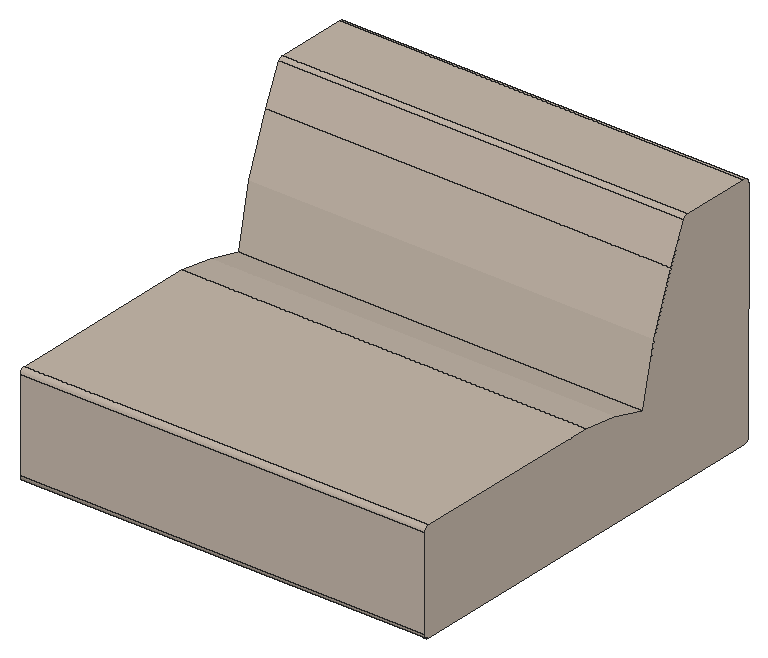
Revit family "FU_Modular_Sandler_Escala_ESC0207TA", category Furniture, Revit 2020
Family settings
  OmniClass Number = 23.40.20.00
  OmniClass Title = General Furniture and Specialties
  Work Plane-Based = No
  Always vertical = Yes
  Cut with Voids When Loaded = No
  Shared = No
  Room Calculation Point = No
Parameters (values of type "Escalas 0207TA")
  Width = 800 mm  # constant formula
  Upholstery [instance] = Fabric - Gravity - Wheat CPC21
  URL = "https://www.sandlerseating.com/product/esc0207ta/"
  Seat Height = 420 mm  # constant formula
  Seat Elevation = 220 mm  # constant formula
  Model = "Escalas 0207TA"
  Manufacturer = "Sandler"
  Height = 690 mm  # constant formula
  Description = "Upholstered 80cm left seat with backrest.\r\n47cm x 80cm x 80cm (measurements without base)"
  Depth = 800 mm  # constant formula
  Default Elevation = 0 mm
Reference planes
  plane 1 "Center (Front/Back)": y = 0
  plane 2: z = 0
  plane 3 "Center (Left/Right)": x = 0
  plane 4 "Right": x = -400
  plane 5 "Left": x = 400
  plane 6 "Front": y = -400
  plane 7 "Back": y = 400
  plane 8 "Elevation": z = 220
  plane 9 "Height": z = 690
  plane 10 "Seat height": z = 420
Forms (mm)
  Sweep 1, solid, material "Fabric - Gravity - Wheat CPC21" <- "Upholstery"
    path origin (0, 0, 220) x (-1, 0, 0) y (0, -1, 0)
      loop
        line (400, -400) -> (-400, -400)
    profile "Pro_Escalas_Seat_Shape : Pro_Escalas_Seat_Shape" origin (0, 400, 220) x (0, 1, 0) y (0, 0, 1)
      loop
        line (-790, 0) -> (-10, 0)
        arc (-10, 0) -> (-2.929, 2.929) -> (0, 10) r 10
        line (0, 10) -> (0, 460)
        arc (0, 460) -> (-2.929, 467.071) -> (-10, 470) r 10
        line (-10, 470) -> (-150.689, 470)
        arc (-150.689, 470) -> (-156.062, 468.434) -> (-159.752, 464.226) r 10
        line (-159.752, 464.226) -> (-192.518, 393.96)
        arc (-192.518, 393.96) -> (-234.317, 284.408) -> (-260, 170) r 816.842
        arc (-260, 170) -> (-329.19, 188.78) -> (-400, 200) r 664.836
        line (-400, 200) -> (-790, 200)
        arc (-790, 200) -> (-797.071, 197.071) -> (-800, 190) r 10
        line (-800, 190) -> (-800, 10)
        arc (-800, 10) -> (-797.071, 2.929) -> (-790, 0) r 10
  Extrusion 2, void
    sketch origin (-10, 0, 0) x (0, 1, 0) y (0, 0, 1)
      loop
        line (-370, 220) -> (370, 220) -> (370, 261) -> (-370, 261) -> (-370, 220)
    from 370 to -405
Cuts and joins
  Extrusion 2 cuts Sweep 1
Dimensions and locks
  equal spacing: plane 4 "Right", plane 3 "Center (Left/Right)", plane 5 "Left"
  "Width": plane 4 "Right" to plane 5 "Left"
  equal spacing: plane 7 "Back", plane 1 "Center (Front/Back)", plane 6 "Front"
  "Depth": plane 7 "Back" to plane 6 "Front"
  "Height": plane 9 "Height" to level
  "Seat Height": plane 10 "Seat height" to level
  "Seat Elevation": plane 8 "Elevation" to level
  aligned and locked: level to plane 2
Automatic sketch dimensions
  Sweep 1 sketch curve to plane 5 "Left" = 0 mm
  Sweep 1 sketch curve to plane 4 "Right" = 0 mm
  Sweep 1 sketch curve to plane 7 "Back" = 0 mm
  Extrusion 2 sketch curve to plane 8 "Elevation" = 0 mm
  plane 6 "Front" to Extrusion 2 sketch curve = 30 mm
  Extrusion 2 sketch curve to plane 7 "Back" = 30 mm
  plane 8 "Elevation" to Extrusion 2 sketch curve = 41 mm
